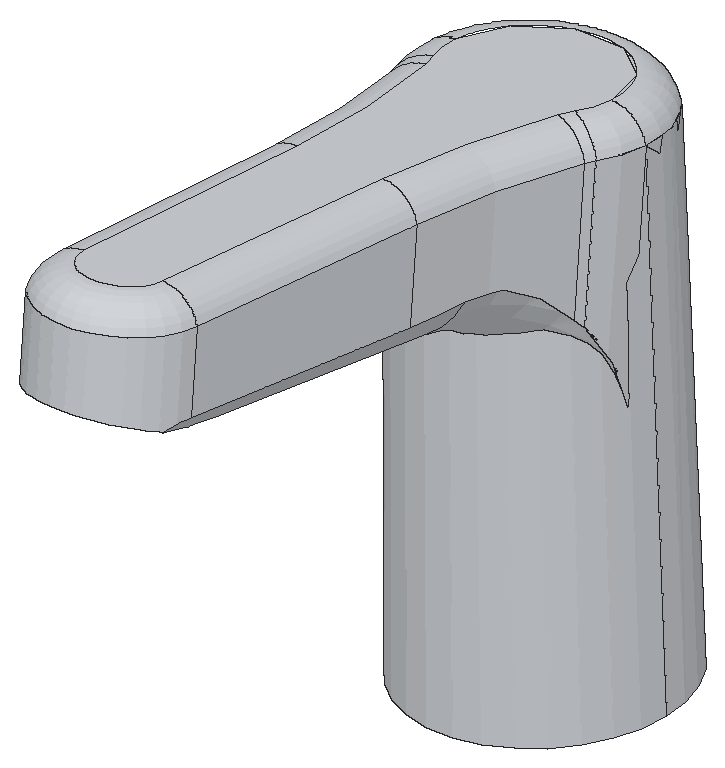
Revit family "Faucet_Touchless-Lavatory-KOHLER-Accliv-K-30276X.rfa_", category Plumbing Fixtures, host Face, Revit 2021
Family settings
  Host = Face
  Round Connector Dimension = Use Diameter
  Part Type = Normal
  OmniClass Number = 23.31.11.00
  OmniClass Title = Faucets
  Cut with Voids When Loaded = No
  Shared = No
  Room Calculation Point = No
Parameters (values of type "0.5 GPM, CP-Polished Chrome")
  Width = 1.9685"  # constant formula
  WaterSense Certified = 1 = 0  # no
  Waste Water Outlet = "Waste Water Outlet"  # constant formula
  Waste Connection = 1 = 0  # no
  Voltage = 220 V  # constant formula
  Vent Connection = 1 = 0  # no
  URL = "https://www.kohler.co.th/"
  Type = 1
  Spout Reach = 4.00787"  # constant formula
  Product Page URL = ""
  Product Name = "Accliv"  # constant formula
  Product Documentation Link = ""
  Pressure = 0.00 psi
  Model = if(Type = 1, "K-30276X-CP", if(Type = 2, "K-30276X-S3-CP", if(Type = 3, "K-30276X-S5-CP", "NA")))  # "K-30276X-CP"
  Material = "Premium Metal Construction"  # constant formula
  Master Format 2014 Name = "Residential Faucets, Supplies, and Trim"  # constant formula
  Master Format 2014 = "22 41 39"  # constant formula
  Manufacturer Address = "16th Floor, Jasmine City Building 2, Soi Sukhumvit 23, Sukhumvit Road, Khlong Toei Nuea, Watthana, Bangkok 10110"  # constant formula
  Manufacturer = "Kohler Co."  # constant formula
  Length = Spout Reach  # 4.00787"
  Hot Water Inlet = "Hot Water Inlet"  # constant formula
  Height = 4.68898"  # constant formula
  HW Connection = 1 = 0  # no
  Flow Rate = if(Type = 1, 0.5 GPM, if(Type = 2, 0.35 GPM, 0.26 GPM))  # 0.5 GPM
  Finish = Kohler-Metal-CP-Polished_Chrome
  Environmental Product Declaration = ""
  Electrical Note = "One Dedicated Circuit Required"  # constant formula
  Electrical Connector = 1 = 1  # yes
  Drain Included = 1 = 0  # no
  Description = if(Type = 1, "Sensor Faucet Cold 0.5GPM No Drain", if(Type = 2, "Sensor Faucet Cold 0.35GPM No Drain", "Sensor Faucet Cold 0.26GPM No Drain"))  # "Sensor Faucet Cold 0.5GPM No Drain"
  Default Elevation = 36"
  Declare Label = ""
  Date Modified = "06/06/2023"  # constant formula
  Date Created = "06/06/2023"  # constant formula
  Copyright = "Copyright Kohler Co."  # constant formula
  Contact Us = "https://www.kohler.co.th/contact-us"
  Cold Water Inlet = "Cold Water Inlet"  # constant formula
  CW Connection = 1 = 1  # yes
  Assembly Code = "D2010"
  Apparent Load = 0 VA
  ADA Compliant = 1 = 0  # no
Types (4): name | Type | Model | Flow Rate | Description
  (no name) | 1 | "K-30276X-CP" | 0.5 GPM | "Sensor Faucet Cold 0.5GPM No Drain"
  0.5 GPM, CP-Polished Chrome | 1 | "K-30276X-CP" | 0.5 GPM | "Sensor Faucet Cold 0.5GPM No Drain"
  0.35 GPM, CP-Polished Chrome | 2 | "K-30276X-S3-CP" | 0.35 GPM | "Sensor Faucet Cold 0.35GPM No Drain"
  0.26 GPM, CP-Polished Chrome | 3 | "K-30276X-S5-CP" | 0.26 GPM | "Sensor Faucet Cold 0.26GPM No Drain"
Reference planes
  plane 1 "Center (Front/Back)": y = 0
  plane 2: z = 0
  plane 3 "Center (Left/Right)": x = 0
  plane 4: y = 27
  plane 5: y = -27
  plane 6: y = -122.9
  plane 7: z = 93.9
  plane 8: through (0, -125.573, 28.585) normal (0, 0.9397, -0.342)
  plane 9: y = -101.8
  plane 10: through (0, 27, 47.093) normal (0, 0.342, 0.9397)
  plane 11: x = -25
  plane 12: x = 25
  plane 13: y = -10
  plane 14: y = 10
  plane 15: z = 119.1
Dimensions and locks
  "Width": plane 11 to plane 12
  plane 4 to plane 5 = 2.12598"
  "Length": plane 1 "Center (Front/Back)" to plane 9
  plane 4 to plane 6 = 5.90157"
  host face to plane 7 = 3.69685"
  "Height": plane 15 to level
  plane 7 to level = 3.69685"
  angle plane 9 to plane 8 = 20.00°
  aligned and locked: plane 2 to host face
  aligned and locked: level to host face
  aligned and locked: plane 3 "Center (Left/Right)" to nested 1
  aligned and locked: plane 1 "Center (Front/Back)" to nested 1
Automatic sketch dimensions
  host sketch curve to host sketch curve = 96"  (x2)
Nested families
  nested 1: "K-30276X" at (0, 0, 0), type "K-30276X"
Connectors
  electrical at (0, -10, 0), driven by "Voltage", driven by "Electrical Connector", driven by "Electrical Note"
    settings: on nested 1, index 1, voltage 220 V, apparent load 0 VA, apparent load phase1 0 VA, apparent load phase2 0 VA, apparent load phase3 0 VA, power factor 1, load classification "Power", number of poles 1, system type 30, power factor state 1, is connector primary yes, connector utility yes, sub classification motor no, connector description "One Dedicated Circuit Required"
  piping at (0, 10, 0), diameter 12.7, driven by "Flow Rate", driven by "Pressure", driven by "CW Connection", driven by "Cold Water Inlet"
    settings: on nested 1, index 2, connector inside diameter 24", connector length 0", flow factor 0, pipe flow 0.5 GPM, pressure drop 0.00 psi, fitting loss kfactor 0, connector angle 0.00°, fixture units 0, engagement length 0", angle of deflection 0.00°, flow configuration 1, flow direction 1, fitting loss method 0, system type 20, joint type 0, gender type 0, connector reference index -1, connector utility 1, adjustable connector no, is connector primary yes, connector description "Cold Water Inlet"
Definition of nested family "K-30276X"
  Parameters
    Material = none
    Default Elevation = 0"
  Reference planes
    plane 1 "Center (Front/Back)": y = 0
    plane 2: z = 0
    plane 3 "Center (Left/Right)": x = 0
    plane 4: x = -25
    plane 5: x = 25
    plane 6: z = 119.1
    plane 7: y = -27
    plane 8: y = 27
    plane 9: y = -101.8
    plane 10: y = -122.9
    plane 11: z = 93.9
    plane 12: through (0, -101.8, 93.9) normal (0, -0.9397, 0.342)
    plane 13 "11": through (0, -122.694, 116.955) normal (0, -0.0959, -0.9954)
    plane 14 "22": through (0, 33.177, 101.94) normal (0, 0.9954, -0.0959)
    plane 15 "ew": through (0, -58.675, 84.682) normal (0, 0.9877, -0.1564)
    plane 16 "wr": through (0, -124.685, 102.302) normal (0, -0.342, -0.9397)
    plane 17: y = 10
    plane 18: y = -10
  Forms (mm)
    Sweep 1, solid, material <- "Material", detail levels medium+fine
      path origin (0, 10.035, 104.169) x (0, -0.995392, 0.095891) y (-1, 0, 0)
        loop
          spline (13.386, 23.263) -> (7.099, 22.525) -> (1.211, 20.32) -> (-3.963, 16.747) -> (-8.063, 11.952) -> (-10.7, 6.204) -> (-11.595, -0.006) -> (-10.697, -6.214) -> (-8.061, -11.956) -> (-3.963, -16.75) -> (1.217, -20.324) -> (7.103, -22.527) -> (13.386, -23.263)
          arc (13.386, -23.263) -> (18.652, -22.774) -> (23.728, -21.29) r 27.611
          arc (23.728, -21.29) -> (24.776, -20.915) -> (25.849, -20.621) r 14.858
          arc (25.849, -20.621) -> (44.397, -17.323) -> (63.194, -16.064) r 172.761
          line (63.194, -16.064) -> (118.85, -15.378)
          arc (118.85, -15.378) -> (134.04, 0) -> (118.85, 15.378) r 15.379
          line (118.85, 15.378) -> (63.194, 16.064)
          arc (63.194, 16.064) -> (44.397, 17.323) -> (25.849, 20.621) r 172.761
          arc (25.849, 20.621) -> (24.776, 20.915) -> (23.728, 21.29) r 14.858
          arc (23.728, 21.29) -> (18.652, 22.774) -> (13.386, 23.263) r 27.611
      profile origin (0.006, 21.576, 103.057) x (-0.000483, -0.995392, 0.09589) y (0, -0.095891, -0.995392)
        loop
          line (10.194, 0) -> (0, 0)
          arc (0, 0) -> (2.767, -4.012) -> (7.389, -5.555) r 7.692
          line (7.389, -5.555) -> (10.194, -5.555) -> (10.194, 0)
    Blend 2, solid, material <- "Material", detail levels medium+fine
      base sketch origin (0, 0, 0) x (1, 0, 0) y (0, 1, 0)
        loop
          spline (-25, 0) -> (-24.148, -6.988) -> (-21.651, -13.5) -> (-17.678, -19.092) -> (-12.5, -23.383) -> (-6.47, -26.08) -> (0, -27) -> (6.47, -26.08) -> (12.5, -23.383) -> (17.678, -19.092) -> (21.651, -13.5) -> (24.148, -6.988) -> (25, 0)
          spline (25, 0) -> (24.148, 6.988) -> (21.651, 13.5) -> (17.678, 19.092) -> (12.5, 23.383) -> (6.47, 26.08) -> (0, 27) -> (-6.47, 26.08) -> (-12.5, 23.383) -> (-17.678, 19.092) -> (-21.651, 13.5) -> (-24.148, 6.988) -> (-25, 0)
      top sketch origin (0, 0, 0) x (1, 0, 0) y (0, 1, 0)
        loop
          spline (-22.579, -4.585) -> (-21.809, -10.764) -> (-19.554, -16.521) -> (-15.966, -21.465) -> (-11.289, -25.258) -> (-5.844, -27.643) -> (0, -28.457) -> (5.844, -27.643) -> (11.289, -25.258) -> (15.966, -21.465) -> (19.554, -16.521) -> (21.809, -10.764) -> (22.579, -4.585)
          spline (22.579, -4.585) -> (21.809, 1.593) -> (19.554, 7.35) -> (15.966, 12.294) -> (11.289, 16.087) -> (5.844, 18.472) -> (0, 19.286) -> (-5.844, 18.472) -> (-11.289, 16.087) -> (-15.966, 12.294) -> (-19.554, 7.35) -> (-21.809, 1.593) -> (-22.579, -4.585)
      from 0 to 146.997
    Extrusion 3, void
      sketch origin (0, 0, 0) x (0, 1, 0) y (0, 0, 1)
        loop
          line (27, 153.334) -> (-130.058, 153.334) -> (-130.058, 117.665) -> (27, 102.535) -> (27, 153.334)
      from -32.211 to 31.193
    Extrusion 4, solid, material <- "Material", detail levels medium+fine
      sketch origin (0, 10.035, 104.169) x (0, -0.995392, 0.095891) y (-1, 0, 0)
        loop
          spline (13.416, 13.069) -> (9.491, 12.616) -> (5.892, 11.264) -> (2.868, 9.18) -> (0.53, 6.467) -> (-0.94, 3.259) -> (-1.401, -0.001) -> (-0.939, -3.266) -> (0.529, -6.468) -> (2.871, -9.186) -> (5.901, -11.267) -> (9.491, -12.617) -> (13.42, -13.069)
          arc (13.42, -13.069) -> (16.741, -12.76) -> (19.943, -11.824) r 17.417
          arc (19.943, -11.824) -> (21.71, -11.193) -> (23.52, -10.696) r 25.052
          arc (23.52, -10.696) -> (43.163, -7.203) -> (63.069, -5.87) r 182.956
          line (63.069, -5.87) -> (118.725, -5.184)
          arc (118.725, -5.184) -> (123.846, 0) -> (118.725, 5.184) r 5.185
          line (118.725, 5.184) -> (63.069, 5.87)
          arc (63.069, 5.87) -> (43.163, 7.203) -> (23.52, 10.696) r 182.956
          arc (23.52, 10.696) -> (21.71, 11.193) -> (19.943, 11.824) r 25.052
          arc (19.943, 11.824) -> (16.739, 12.761) -> (13.416, 13.069) r 17.417
      from 0 to -5.555
    Extrusion 5, solid, material <- "Material", detail levels medium+fine
      sketch origin (0, 10.035, 104.169) x (0, -0.995392, 0.095891) y (-1, 0, 0)
        loop
          arc (63.194, 16.064) -> (44.397, 17.323) -> (25.849, 20.621) r 172.761
          arc (25.849, 20.621) -> (24.776, 20.915) -> (23.728, 21.29) r 14.858
          arc (23.728, 21.29) -> (18.652, 22.774) -> (13.386, 23.263) r 27.611
          spline (13.386, 23.263) -> (7.099, 22.525) -> (1.211, 20.32) -> (-3.963, 16.747) -> (-8.063, 11.952) -> (-10.7, 6.204) -> (-11.595, -0.006) -> (-10.697, -6.214) -> (-8.061, -11.956) -> (-3.963, -16.75) -> (1.217, -20.324) -> (7.103, -22.527) -> (13.386, -23.263)
          arc (13.386, -23.263) -> (18.652, -22.774) -> (23.728, -21.29) r 27.611
          arc (23.728, -21.29) -> (24.776, -20.915) -> (25.849, -20.621) r 14.858
          arc (25.849, -20.621) -> (44.397, -17.323) -> (63.194, -16.064) r 172.761
          line (63.194, -16.064) -> (118.85, -15.378)
          arc (118.85, -15.378) -> (134.04, 0) -> (118.85, 15.378) r 15.379
          line (118.85, 15.378) -> (63.194, 16.064)
      from 0 to 47.45
    Sweep 6, void
      path origin (0, -70.323, 11.138) x (0, -0.156434, -0.987688) y (-1, 0, 0)
        loop
          arc (-91.092, 18.5) -> (-72.592, 0) -> (-91.092, -18.5) r 18.5
      profile origin (0, -58.967, 82.837) x (0, -0.156434, -0.987688) y (0, 0.987688, -0.156434)
        loop
          line (-0.206, 16.035) -> (-0.206, -80.177) -> (32.497, -74.997) -> (24.527, 55.406)
          arc (24.527, 55.406) -> (6.49, 39.283) -> (-0.206, 16.035) r 43.703
    Extrusion 7, void
      sketch origin (0, 0, 0) x (0, 1, 0) y (0, 0, 1)
        loop
          line (-78.139, 85.361) -> (-128.331, 103.629) -> (-128.331, 89.473) -> (-79.197, 79.922) -> (-78.139, 85.361)
      from -26.186 to 22.722
    Extrusion 8, solid
      sketch origin (0, 18.294, 50.262) x (0, -0.939693, 0.34202) y (-1, 0, 0)
        loop
          arc (136.291, 9.746) -> (133.8, 8.264) -> (134.112, 5.383) r 2.681
          arc (134.112, 5.383) -> (136.013, 0) -> (134.112, -5.383) r 8.575
          arc (134.112, -5.383) -> (133.8, -8.264) -> (136.291, -9.746) r 2.681
          arc (136.291, -9.746) -> (139.999, -8.89) -> (143.113, -6.701) r 9.927
          arc (143.113, -6.701) -> (145.81, 0) -> (143.113, 6.701) r 9.675
          arc (143.113, 6.701) -> (139.999, 8.89) -> (136.291, 9.746) r 9.927
      from -2.091 to 0
    Extrusion 9, void
      sketch origin (0, 18.294, 50.262) x (0, -0.939693, 0.34202) y (-1, 0, 0)
        loop
          arc (143.329, 6.909) -> (140.121, 9.164) -> (136.301, 10.046) r 10.227
          arc (136.301, 10.046) -> (133.532, 8.398) -> (133.879, 5.195) r 2.981
          arc (133.879, 5.195) -> (135.713, 0) -> (133.879, -5.195) r 8.275
          arc (133.879, -5.195) -> (133.532, -8.398) -> (136.301, -10.046) r 2.981
          arc (136.301, -10.046) -> (140.121, -9.164) -> (143.329, -6.909) r 10.227
          arc (143.329, -6.909) -> (146.11, 0) -> (143.329, 6.909) r 9.975
      from -2.091 to 1.488
    Extrusion 10, solid
      sketch origin (0, 189.692, -12.122) x (0, -0.939693, 0.34202) y (-1, 0, 0)
        loop
          arc (300.643, -4.407) -> (308.588, -9.77) -> (317.917, -11.976) r 26.667
          arc (317.917, -11.976) -> (330.528, 0) -> (317.917, 11.976) r 11.992
          arc (317.917, 11.976) -> (308.588, 9.77) -> (300.643, 4.407) r 26.667
          arc (300.643, 4.407) -> (298.789, 0) -> (300.643, -4.407) r 6.165
      from -2.933 to 0
    Extrusion 11, void
      sketch origin (0, 189.692, -12.122) x (0, -0.939693, 0.34202) y (-1, 0, 0)
        loop
          arc (300.433, 4.621) -> (298.489, 0) -> (300.433, -4.621) r 6.465
          arc (300.433, -4.621) -> (308.468, -10.044) -> (317.902, -12.276) r 26.967
          arc (317.902, -12.276) -> (330.828, 0) -> (317.902, 12.276) r 12.292
          arc (317.902, 12.276) -> (308.468, 10.044) -> (300.433, 4.621) r 26.967
      from -2.933 to 1.556
    Revolve 12, void
      sketch origin (0, 0, 0) x (0, 1, 0) y (0, 0, 1)
        loop
          line (-94.478, 92.844) -> (-95.33, 94.74) -> (-100.773, 96.721) -> (-101.838, 93.795) -> (-94.459, 91.109) -> (-94.838, 91.853) -> (-94.478, 92.844)
        axis (-100.773, 96.721) -> (-101.838, 93.795)
      angle from 0 to 360
    Revolve 13, solid, detail levels medium+fine
      sketch origin (0, 0, 0) x (0, 1, 0) y (0, 0, 1)
        loop
          line (-94.745, 92.941) -> (-95.339, 94.743) -> (-96.342, 91.986) -> (-95.238, 91.585) -> (-94.745, 92.941)
        axis (-100.773, 96.721) -> (-101.777, 93.964)
      angle from 0 to 360
    Revolve 14, solid
      sketch origin (0, 0, 0) x (0, 1, 0) y (0, 0, 1)
        loop
          line (-95.731, 94.886) -> (-100.773, 96.721) -> (-101.213, 95.512) -> (-96.912, 93.946) -> (-97.181, 93.207) -> (-96.441, 92.937) -> (-95.731, 94.886)
        axis (-100.773, 96.721) -> (-101.483, 94.772)
      angle from 0 to 360
    Extrusion 15, void
      sketch origin (0, 18.294, 50.262) x (0, -0.939693, 0.34202) y (-1, 0, 0)
        loop
          line (134.648, -1.093) -> (130.112, -1.093) -> (133.278, -4.259)
          arc (133.278, -4.259) -> (134.162, -2.762) -> (134.648, -1.093) r 6.958
        loop
          line (131.863, -5.631) -> (128.656, -2.424) -> (128.656, -6.902)
          arc (128.656, -6.902) -> (130.339, -6.469) -> (131.863, -5.631) r 6.958
        loop
          arc (120.905, -1.093) -> (121.39, -2.762) -> (122.274, -4.259) r 6.958
          line (122.274, -4.259) -> (125.44, -1.093) -> (120.905, -1.093)
        loop
          arc (123.69, -5.631) -> (125.214, -6.469) -> (126.897, -6.902) r 6.958
          line (126.897, -6.902) -> (126.897, -2.424) -> (123.69, -5.631)
        loop
          arc (134.648, 1.093) -> (134.162, 2.762) -> (133.278, 4.259) r 6.958
          line (133.278, 4.259) -> (130.112, 1.093) -> (134.648, 1.093)
        loop
          arc (131.863, 5.631) -> (130.339, 6.469) -> (128.656, 6.902) r 6.958
          line (128.656, 6.902) -> (128.656, 2.424) -> (131.863, 5.631)
        loop
          line (120.905, 1.093) -> (125.44, 1.093) -> (122.274, 4.259)
          arc (122.274, 4.259) -> (121.39, 2.762) -> (120.905, 1.093) r 6.958
        loop
          line (123.69, 5.631) -> (126.897, 2.424) -> (126.897, 6.902)
          arc (126.897, 6.902) -> (125.214, 6.469) -> (123.69, 5.631) r 6.958
      from 0.509 to -2.933
    Blend 16, solid, material <- "Material", detail levels coarse
      base sketch origin (0, 0, 0) x (1, 0, 0) y (0, 1, 0)
        loop
          spline (0, -27) -> (6.47, -26.08) -> (12.5, -23.383) -> (17.678, -19.092) -> (21.651, -13.5) -> (24.148, -6.988) -> (25, 0) -> (24.148, 6.988) -> (21.651, 13.5) -> (17.678, 19.092) -> (12.5, 23.383) -> (6.47, 26.08) -> (0, 27)
          spline (0, 27) -> (-6.47, 26.08) -> (-12.5, 23.383) -> (-17.678, 19.092) -> (-21.651, 13.5) -> (-24.148, 6.988) -> (-25, 0) -> (-24.148, -6.988) -> (-21.651, -13.5) -> (-17.678, -19.092) -> (-12.5, -23.383) -> (-6.47, -26.08) -> (0, -27)
      top sketch origin (0, 0, 0) x (1, 0, 0) y (0, 1, 0)
        loop
          spline (0, -28.374) -> (5.803, -27.522) -> (11.21, -25.025) -> (15.854, -21.052) -> (19.417, -15.874) -> (21.657, -9.845) -> (22.421, -3.374) -> (21.657, 3.096) -> (19.417, 9.126) -> (15.854, 14.303) -> (11.21, 18.276) -> (5.803, 20.774) -> (0, 21.626)
          spline (0, 21.626) -> (-5.803, 20.774) -> (-11.21, 18.276) -> (-15.854, 14.303) -> (-19.417, 9.126) -> (-21.657, 3.096) -> (-22.421, -3.374) -> (-21.657, -9.845) -> (-19.417, -15.874) -> (-15.854, -21.052) -> (-11.21, -25.025) -> (-5.803, -27.522) -> (0, -28.374)
      from 0 to 114.276
    Extrusion 17, solid, material <- "Material", detail levels coarse
      sketch origin (0, 10.035, 104.169) x (0, -0.995392, 0.095891) y (-1, 0, 0)
        loop
          arc (118.847, -16.106) -> (134.952, 0) -> (118.847, 16.106) r 16.106
          line (118.847, 16.106) -> (59.31, 16.106)
          arc (59.31, 16.106) -> (37.077, 17.221) -> (15.066, 20.557) r 222.116
          line (15.066, 20.557) -> (15.066, -20.557)
          arc (15.066, -20.557) -> (37.077, -17.221) -> (59.31, -16.106) r 222.116
          line (59.31, -16.106) -> (118.847, -16.106)
      from -7.843 to 26.621
    Extrusion 18, solid, detail levels coarse
      sketch origin (0, 18.294, 50.262) x (0, -0.939693, 0.34202) y (-1, 0, 0)
        loop
          circle (127.776, 0) r 6.958
        loop
          circle (127.776, 0) r 5.783
      from 0 to -2.933
    Extrusion 19, void
      sketch origin (0, 0, 0) x (0, 1, 0) y (0, 0, 1)
        loop
          line (-130.058, 122.781) -> (27, 107.651) -> (27, 153.334) -> (-130.058, 153.334) -> (-130.058, 122.781)
      from -31.6 to 51.691
    Extrusion 20, solid, material <- "Material", detail levels medium+fine
      sketch origin (0, 0, 0) x (1, 0, 0) y (0, 1, 0)
        loop
          circle (0, 10) r 2
        loop
          circle (0, -10) r 2
      from 0 to 3
  Cuts and joins
    Extrusion 3 cuts Blend 2
    Sweep 6, Extrusion 7, Extrusion 11 cuts Extrusion 5
    joined: Sweep 1, Extrusion 4, Extrusion 5
    Extrusion 9, Revolve 12 cuts Extrusion 10
    Extrusion 15 cuts Revolve 13
    Extrusion 7, Extrusion 11, Extrusion 19 cuts Blend 16
    Extrusion 7, Extrusion 11, Extrusion 19 cuts Extrusion 17
    joined: Blend 16, Extrusion 17
  Lines and regions (mm)
    Masking region 1
      outline origin (0, 0, 0) x (0, 1, 0) y (0, 0, 1)
        loop
          line (27, 0) -> (21.582, 103.38)
          arc (21.582, 103.38) -> (20.583, 105.821) -> (18.281, 107.11) r 4
          arc (18.281, 107.11) -> (10.547, 108.297) -> (2.768, 109.145) r 178.691
          line (2.768, 109.145) -> (-111.8, 119.1) -> (-119.912, 119.1)
          arc (-119.912, 119.1) -> (-121.55, 118.489) -> (-122.388, 116.955) r 2.503
          arc (-122.388, 116.955) -> (-122.898, 109.385) -> (-122.25, 101.825) r 49.755
          arc (-122.25, 101.825) -> (-122.087, 101.467) -> (-121.765, 101.24) r 0.752
          line (-121.765, 101.24) -> (-90.622, 89.904) -> (-49, 83.192)
          arc (-49, 83.192) -> (-34.084, 74.879) -> (-27.984, 58.928) r 25
          line (-27.984, 58.928) -> (-27, 0) -> (27, 0)
    Masking region 2
      outline origin (0, 0, 0) x (1, 0, 0) y (0, 0, 1)
        loop
          line (-25, 0) -> (25, 0) -> (22.663, 100.917)
          arc (22.663, 100.917) -> (21.965, 103.721) -> (20.133, 105.956) r 6.588
          line (20.133, 105.956) -> (16.116, 109.094)
          arc (16.116, 109.094) -> (15.915, 109.821) -> (15.774, 110.562) r 9.12
          line (15.774, 110.562) -> (15.252, 114.105)
          arc (15.252, 114.105) -> (14.598, 115.798) -> (13.277, 117.044) r 4.109
          arc (13.277, 117.044) -> (11.536, 117.863) -> (9.671, 118.341) r 10.226
          arc (9.671, 118.341) -> (0, 119.1) -> (-9.671, 118.341) r 61.979
          arc (-9.671, 118.341) -> (-11.536, 117.863) -> (-13.277, 117.044) r 10.226
          arc (-13.277, 117.044) -> (-14.598, 115.798) -> (-15.252, 114.105) r 4.109
          line (-15.252, 114.105) -> (-15.774, 110.562)
          arc (-15.774, 110.562) -> (-15.915, 109.821) -> (-16.116, 109.094) r 9.12
          line (-16.116, 109.094) -> (-20.133, 105.956)
          arc (-20.133, 105.956) -> (-21.965, 103.721) -> (-22.663, 100.917) r 6.588
          line (-22.663, 100.917) -> (-25, 0)
    Masking region 3
      outline origin (0, 0, 0) x (1, 0, 0) y (0, 1, 0)
        loop
          line (-16.084, -53.136) -> (-15.282, -107.84)
          arc (-15.282, -107.84) -> (0, -122.9) -> (15.282, -107.84) r 15.284
          line (15.282, -107.84) -> (16.084, -53.136)
          arc (16.084, -53.136) -> (16.732, -40.029) -> (18.291, -26.999) r 188.627
          arc (18.291, -26.999) -> (19.435, -20.832) -> (20.944, -14.743) r 105.632
          spline (20.944, -14.743) -> (24.4, -5.881) -> (24.761, 3.728) -> (21.98, 12.863) -> (16.412, 20.367) -> (8.762, 25.287) -> (0, 27) -> (-8.762, 25.287) -> (-16.412, 20.367) -> (-21.98, 12.863) -> (-24.761, 3.728) -> (-24.4, -5.881) -> (-20.944, -14.743)
          arc (-20.944, -14.743) -> (-19.435, -20.832) -> (-18.291, -26.999) r 105.632
          arc (-18.291, -26.999) -> (-16.732, -40.029) -> (-16.084, -53.136) r 188.627
    symbolic lines, detail levels medium+fine
      curve 1: line (0, -29.093, 109.488) -> (0, -106.217, 116.918)
      curve 2: arc (0, -106.217, 116.918) -> (0, -113.098, 117.797) -> (0, -119.912, 119.1) r 111.951
      curve 3: arc (0, -12.419, 106.913) -> (0, -20.719, 108.439) -> (0, -29.093, 109.488) r 147.507
      curve 4: arc (0, 2.291, 105.315) -> (0, -5.105, 105.737) -> (0, -12.419, 106.913) r 72.438
      curve 5: arc (0, 18.281, 107.11) -> (0, 10.339, 105.742) -> (0, 2.291, 105.315) r 68.55
      curve 6: arc (0, -17.737, 105.916) -> (0, -23.495, 106.822) -> (0, -29.285, 107.497) r 145.507
      curve 7: line (0, -29.285, 107.497) -> (0, -106.691, 115.414)
      curve 8: arc (0, -106.691, 115.414) -> (0, -114.419, 116.419) -> (0, -122.081, 117.846) r 142.19
      curve 9: arc (0, -4.964, 102.783) -> (0, -11.3, 104.555) -> (0, -17.737, 105.916) r 102.228
      curve 10: arc (0, 21.582, 103.38) -> (0, 8.358, 100.889) -> (0, -4.964, 102.783) r 41.287
      curve 11: line (0, -7.862, 103.648) -> (0, -9.498, 86.67)
      curve 12: arc (0, -7.029, 105.972) -> (0, -7.59, 104.862) -> (0, -7.862, 103.648) r 5.024
      curve 13: arc (0, -9.498, 86.67) -> (0, -15.26, 70.479) -> (0, -27.984, 58.928) r 35.3
      curve 14: arc (-13.854, 0, 116.632) -> (0, 0, 118.489) -> (13.854, 0, 116.632) r 52.611
      curve 15: arc (-15.413, 0, 113.015) -> (-15.216, 0, 104.973) -> (-14.129, 0, 97.002) r 72.54
      curve 16: arc (-14.129, 0, 97.002) -> (-13.787, 0, 95.922) -> (-13.206, 0, 94.95) r 4.897
      curve 17: arc (-13.206, 0, 94.95) -> (-11.238, 0, 93.007) -> (-8.818, 0, 91.67) r 10.112
      curve 18: arc (-8.613, 0, 100.757) -> (0, 0, 101.76) -> (8.613, 0, 100.757) r 37.5
      curve 19: arc (-12.112, 0, 99.398) -> (-10.41, 0, 100.199) -> (-8.613, 0, 100.757) r 13.575
      curve 20: arc (-13.596, 0, 97.899) -> (-12.96, 0, 98.754) -> (-12.112, 0, 99.398) r 3.796
      curve 21: arc (-13.787, 0, 95.922) -> (-13.893, 0, 96.93) -> (-13.596, 0, 97.899) r 2.537
      curve 22: arc (-12.058, 0, 95.125) -> (-10.413, 0, 93.644) -> (-8.459, 0, 92.604) r 9.112
      curve 23: arc (-11.834, 0, 98.35) -> (-12.614, 0, 96.784) -> (-12.058, 0, 95.125) r 2.286
      curve 24: arc (-8.434, 0, 100) -> (-10.244, 0, 99.401) -> (-11.834, 0, 98.35) r 7.229
      curve 25: arc (-5.519, 0, 99.736) -> (0, 0, 100.304) -> (5.519, 0, 99.736) r 27.083
      curve 26: arc (-8.534, 0, 98.674) -> (-7.062, 0, 99.306) -> (-5.519, 0, 99.736) r 12.015
      curve 27: arc (-9.921, 0, 97.466) -> (-9.302, 0, 98.155) -> (-8.534, 0, 98.674) r 3.801
      curve 28: arc (-4.963, 0, 96.226) -> (0, 0, 96.82) -> (4.963, 0, 96.226) r 21.002
      curve 29: arc (-6.385, 0, 95.971) -> (-5.67, 0, 96.076) -> (-4.963, 0, 96.226) r 11.818
      curve 30: arc (-8.294, 0, 96.047) -> (-7.343, 0, 95.934) -> (-6.385, 0, 95.971) r 6.139
      curve 31: arc (-9.546, 0, 96.398) -> (-8.927, 0, 96.198) -> (-8.294, 0, 96.047) r 8.496
      curve 32: arc (-9.921, 0, 97.466) -> (-9.986, 0, 96.843) -> (-9.546, 0, 96.398) r 0.732
      curve 33: arc (5.478, 0, 99.54) -> (0, 0, 100.104) -> (-5.478, 0, 99.54) r 26.883
      curve 34: arc (-5.478, 0, 99.54) -> (-6.995, 0, 99.117) -> (-8.443, 0, 98.496) r 11.815
      curve 35: arc (-8.443, 0, 98.496) -> (-9.139, 0, 98.004) -> (-9.668, 0, 97.336) r 2.987
      curve 36: arc (-9.668, 0, 97.336) -> (-9.766, 0, 96.846) -> (-9.546, 0, 96.398) r 0.776
      curve 37: line (-9.773, 0, 96.946) -> (-9.773, 0, 97.664)
      curve 38: spline (7.328, 0, 93.87) -> (7.079, 0, 94.521) -> (6.347, 0, 95.127) -> (5.182, 0, 95.647) -> (3.664, 0, 96.047) -> (1.897, 0, 96.298) -> (0, 0, 96.384) -> (-1.897, 0, 96.298) -> (-3.664, 0, 96.047) -> (-5.182, 0, 95.647) -> (-6.347, 0, 95.127) -> (-7.079, 0, 94.521) -> (-7.328, 0, 93.87) -> (-7.079, 0, 93.219) -> (-6.347, 0, 92.613) -> (-5.182, 0, 92.092) -> (-3.664, 0, 91.693) -> (-1.897, 0, 91.442) -> (0, 0, 91.356) -> (1.897, 0, 91.442) -> (3.664, 0, 91.693) -> (5.182, 0, 92.092) -> (6.347, 0, 92.613) -> (7.079, 0, 93.219) -> (7.328, 0, 93.87)
      curve 39: spline (-6.934, 0, 94.684) -> (-7.002, 0, 94.505) -> (-7.034, 0, 94.325) -> (-7.03, 0, 94.144) -> (-6.99, 0, 93.965) -> (-6.913, 0, 93.786) -> (-6.802, 0, 93.61) -> (-6.655, 0, 93.438) -> (-6.473, 0, 93.269) -> (-6.259, 0, 93.106) -> (-6.012, 0, 92.948) -> (-5.734, 0, 92.798) -> (-5.426, 0, 92.654)
      curve 40: line (-6.714, 0, 94.877) -> (-6.714, 0, 93.598)
      curve 41: line (-6.714, 0, 93.598) -> (-5.523, 0, 93.598)
      curve 42: line (-5.523, 0, 93.598) -> (-5.523, 0, 95.522)
      curve 43: line (-6.714, 0, 94.375) -> (-5.523, 0, 94.375)
      curve 44: line (-4.608, 0, 93.9) -> (-4.608, 0, 92.928)
      curve 45: line (-3.188, 0, 92.417) -> (-3.188, 0, 93.325)
      curve 46: line (-4.608, 0, 92.928) -> (-3.188, 0, 92.417)
      curve 47: line (-3.959, 0, 92.043) -> (-3.188, 0, 92.417)
      curve 48: line (-3.959, 0, 92.043) -> (-5.426, 0, 92.548)
      curve 49: line (-5.426, 0, 92.548) -> (-4.608, 0, 92.928)
      curve 50: line (-5.426, 0, 92.548) -> (-5.426, 0, 93.478)
      curve 51: line (-5.426, 0, 93.478) -> (-4.608, 0, 93.9)
      curve 52: line (-4.608, 0, 93.9) -> (-5.523, 0, 94.547)
      curve 53: spline (-3.774, 0, 92.133) -> (-3.57, 0, 92.089) -> (-3.363, 0, 92.047) -> (-3.151, 0, 92.007) -> (-2.937, 0, 91.97) -> (-2.718, 0, 91.936) -> (-2.497, 0, 91.905) -> (-2.273, 0, 91.876) -> (-2.046, 0, 91.85) -> (-1.816, 0, 91.826) -> (-1.585, 0, 91.806) -> (-1.352, 0, 91.788) -> (-1.117, 0, 91.773)
      curve 54: line (-1.117, 0, 92.997) -> (-1.117, 0, 91.616)
      curve 55: line (-1.117, 0, 91.616) -> (1.117, 0, 91.616)
      curve 56: line (-3.188, 0, 92.761) -> (-1.117, 0, 92.543)
      curve 57: line (-3.188, 0, 93.325) -> (-1.117, 0, 92.997)
      curve 58: line (-1.117, 0, 92.045) -> (1.117, 0, 92.045)
      curve 59: line (-5.443, 0, 95.253) -> (-5.443, 0, 95.553)
      curve 60: line (-5.443, 0, 95.253) -> (-3.873, 0, 95.825)
      curve 61: line (-3.873, 0, 95.825) -> (-3.873, 0, 96.004)
      curve 62: line (-3.136, 0, 95.495) -> (-3.136, 0, 96.142)
      curve 63: line (-3.136, 0, 95.495) -> (-3.873, 0, 95.825)
      curve 64: line (-3.136, 0, 95.495) -> (-4.603, 0, 94.962)
      curve 65: line (-4.603, 0, 94.962) -> (-5.443, 0, 95.253)
      curve 66: line (-1.092, 0, 95.785) -> (-1.092, 0, 96.356)
      curve 67: line (-1.092, 0, 95.785) -> (1.092, 0, 95.785)
      curve 68: spline (5.063, 0, 95.121) -> (5.054, 0, 94.61) -> (4.638, 0, 94.119) -> (3.85, 0, 93.69) -> (2.752, 0, 93.356) -> (1.434, 0, 93.144) -> (0, 0, 93.072) -> (-1.434, 0, 93.144) -> (-2.752, 0, 93.356) -> (-3.85, 0, 93.69) -> (-4.638, 0, 94.119) -> (-5.054, 0, 94.61) -> (-5.063, 0, 95.121)
      curve 69: spline (-3.136, 0, 95.875) -> (-2.992, 0, 95.919) -> (-2.841, 0, 95.961) -> (-2.685, 0, 96.001) -> (-2.524, 0, 96.038) -> (-2.359, 0, 96.074) -> (-2.189, 0, 96.106) -> (-2.014, 0, 96.137) -> (-1.836, 0, 96.164) -> (-1.654, 0, 96.19) -> (-1.47, 0, 96.212) -> (-1.282, 0, 96.232) -> (-1.092, 0, 96.249)
      curve 70: arc (15.413, 0, 113.015) -> (15.216, 0, 104.973) -> (14.129, 0, 97.002) r 72.54
      curve 71: arc (14.129, 0, 97.002) -> (13.787, 0, 95.922) -> (13.206, 0, 94.95) r 4.897
      curve 72: arc (13.206, 0, 94.95) -> (11.238, 0, 93.007) -> (8.818, 0, 91.67) r 10.112
      curve 73: arc (12.112, 0, 99.398) -> (10.41, 0, 100.199) -> (8.613, 0, 100.757) r 13.575
      curve 74: arc (13.596, 0, 97.899) -> (12.96, 0, 98.754) -> (12.112, 0, 99.398) r 3.796
      curve 75: arc (13.787, 0, 95.922) -> (13.893, 0, 96.93) -> (13.596, 0, 97.899) r 2.537
      curve 76: arc (12.058, 0, 95.125) -> (10.413, 0, 93.644) -> (8.459, 0, 92.604) r 9.112
      curve 77: arc (11.834, 0, 98.35) -> (12.614, 0, 96.784) -> (12.058, 0, 95.125) r 2.286
      curve 78: arc (8.434, 0, 100) -> (10.244, 0, 99.401) -> (11.834, 0, 98.35) r 7.229
      curve 79: arc (8.534, 0, 98.674) -> (7.062, 0, 99.306) -> (5.519, 0, 99.736) r 12.015
      curve 80: arc (9.921, 0, 97.466) -> (9.302, 0, 98.155) -> (8.534, 0, 98.674) r 3.801
      curve 81: arc (6.385, 0, 95.971) -> (5.67, 0, 96.076) -> (4.963, 0, 96.226) r 11.818
      curve 82: arc (8.294, 0, 96.047) -> (7.343, 0, 95.934) -> (6.385, 0, 95.971) r 6.139
      curve 83: arc (9.546, 0, 96.398) -> (8.927, 0, 96.198) -> (8.294, 0, 96.047) r 8.496
      curve 84: arc (9.921, 0, 97.466) -> (9.986, 0, 96.843) -> (9.546, 0, 96.398) r 0.732
      curve 85: arc (5.478, 0, 99.54) -> (6.995, 0, 99.117) -> (8.443, 0, 98.496) r 11.815
      curve 86: arc (8.443, 0, 98.496) -> (9.139, 0, 98.004) -> (9.668, 0, 97.336) r 2.987
      curve 87: arc (9.668, 0, 97.336) -> (9.766, 0, 96.846) -> (9.546, 0, 96.398) r 0.776
      curve 88: spline (6.934, 0, 94.684) -> (7.002, 0, 94.505) -> (7.034, 0, 94.325) -> (7.03, 0, 94.144) -> (6.99, 0, 93.965) -> (6.913, 0, 93.786) -> (6.802, 0, 93.61) -> (6.655, 0, 93.438) -> (6.473, 0, 93.269) -> (6.259, 0, 93.106) -> (6.012, 0, 92.948) -> (5.734, 0, 92.798) -> (5.426, 0, 92.654)
      curve 89: line (6.714, 0, 94.877) -> (6.714, 0, 93.598)
      curve 90: line (6.714, 0, 93.598) -> (5.523, 0, 93.598)
      curve 91: line (5.523, 0, 93.598) -> (5.523, 0, 95.522)
      curve 92: line (6.714, 0, 94.375) -> (5.523, 0, 94.375)
      curve 93: line (4.608, 0, 93.9) -> (4.608, 0, 92.928)
      curve 94: line (3.188, 0, 92.417) -> (3.188, 0, 93.325)
      curve 95: line (4.608, 0, 92.928) -> (3.188, 0, 92.417)
      curve 96: line (3.959, 0, 92.043) -> (3.188, 0, 92.417)
      curve 97: line (3.959, 0, 92.043) -> (5.426, 0, 92.548)
      curve 98: line (5.426, 0, 92.548) -> (4.608, 0, 92.928)
      curve 99: line (5.426, 0, 92.548) -> (5.426, 0, 93.478)
      curve 100: line (5.426, 0, 93.478) -> (4.608, 0, 93.9)
      curve 101: line (4.608, 0, 93.9) -> (5.523, 0, 94.547)
      curve 102: line (1.117, 0, 92.997) -> (1.117, 0, 91.616)
      curve 103: line (3.188, 0, 92.761) -> (1.117, 0, 92.543)
      curve 104: line (3.188, 0, 93.325) -> (1.117, 0, 92.997)
      curve 105: line (5.443, 0, 95.253) -> (5.443, 0, 95.553)
      curve 106: line (5.443, 0, 95.253) -> (3.873, 0, 95.825)
      curve 107: line (3.873, 0, 95.825) -> (3.873, 0, 96.004)
      curve 108: line (3.136, 0, 95.495) -> (3.136, 0, 95.875)
      curve 109: line (3.136, 0, 95.495) -> (3.873, 0, 95.825)
      curve 110: line (3.136, 0, 95.495) -> (4.603, 0, 94.962)
      curve 111: line (4.603, 0, 94.962) -> (5.443, 0, 95.253)
      curve 112: line (1.092, 0, 95.785) -> (1.092, 0, 96.356)
      curve 113: arc (-8.434, 0, 100) -> (0, 0, 101.158) -> (8.434, 0, 100) r 31.288
      curve 114: arc (-8.459, 0, 92.604) -> (0, 0, 90.506) -> (8.459, 0, 92.604) r 18.105
      curve 115: arc (-8.818, 0, 91.67) -> (0, 0, 89.839) -> (8.818, 0, 91.67) r 22.15
      curve 116: spline (4.474, 0, 95.008) -> (4.472, 0, 94.584) -> (4.108, 0, 94.176) -> (3.412, 0, 93.819) -> (2.44, 0, 93.541) -> (1.272, 0, 93.365) -> (0, 0, 93.304) -> (-1.272, 0, 93.365) -> (-2.44, 0, 93.541) -> (-3.412, 0, 93.819) -> (-4.108, 0, 94.176) -> (-4.472, 0, 94.584) -> (-4.474, 0, 95.008)
      curve 117: spline (3.136, 0, 95.875) -> (2.992, 0, 95.919) -> (2.841, 0, 95.961) -> (2.685, 0, 96.001) -> (2.524, 0, 96.038) -> (2.359, 0, 96.074) -> (2.189, 0, 96.106) -> (2.014, 0, 96.137) -> (1.836, 0, 96.164) -> (1.654, 0, 96.19) -> (1.47, 0, 96.212) -> (1.282, 0, 96.232) -> (1.092, 0, 96.249)
      curve 118: spline (1.117, 0, 91.773) -> (1.352, 0, 91.788) -> (1.585, 0, 91.806) -> (1.816, 0, 91.826) -> (2.046, 0, 91.85) -> (2.273, 0, 91.876) -> (2.497, 0, 91.905) -> (2.718, 0, 91.936) -> (2.937, 0, 91.97) -> (3.151, 0, 92.007) -> (3.363, 0, 92.047) -> (3.57, 0, 92.089) -> (3.774, 0, 92.133)
      curve 119: spline (4.477, 0, 95.007) -> (4.205, 0, 94.662) -> (3.694, 0, 94.348) -> (2.972, 0, 94.083) -> (2.081, 0, 93.882) -> (1.071, 0, 93.757) -> (0, 0, 93.714) -> (-1.071, 0, 93.757) -> (-2.081, 0, 93.882) -> (-2.972, 0, 94.083) -> (-3.694, 0, 94.348) -> (-4.205, 0, 94.662) -> (-4.477, 0, 95.007)
      curve 120: line (-4.263, 0, 95.085) -> (-3.404, 0, 94.226)
      curve 121: line (-3.87, 0, 95.229) -> (-2.636, 0, 93.995)
      curve 122: line (-3.476, 0, 95.372) -> (-1.967, 0, 93.863)
      curve 123: line (-2.958, 0, 95.929) -> (-0.765, 0, 93.736)
      curve 124: line (-3.136, 0, 95.57) -> (-1.349, 0, 93.782)
      curve 125: line (-0.665, 0, 95.785) -> (1.339, 0, 93.781)
      curve 126: line (-1.612, 0, 96.195) -> (0.842, 0, 93.741)
      curve 127: line (-2.08, 0, 96.126) -> (0.327, 0, 93.718)
      curve 128: line (-2.529, 0, 96.037) -> (-0.208, 0, 93.716)
      curve 129: line (2.248, 0, 96.095) -> (3.893, 0, 94.45)
      curve 130: line (1.092, 0, 96.177) -> (3.136, 0, 94.133)
      curve 131: line (1.611, 0, 96.195) -> (3.53, 0, 94.276)
      curve 132: line (-0.128, 0, 95.785) -> (1.817, 0, 93.84)
      curve 133: line (0.41, 0, 95.785) -> (2.277, 0, 93.918)
      curve 134: line (0.947, 0, 95.785) -> (2.717, 0, 94.015)
      curve 135: line (2.95, 0, 95.931) -> (3.136, 0, 95.745)
      curve 136: line (3.528, 0, 95.353) -> (4.213, 0, 94.668)
      curve 137: line (4.263, 0, 95.085) -> (3.404, 0, 94.226)
      curve 138: line (3.87, 0, 95.229) -> (2.636, 0, 93.995)
      curve 139: line (3.476, 0, 95.372) -> (1.967, 0, 93.863)
      curve 140: line (2.958, 0, 95.929) -> (0.765, 0, 93.736)
      curve 141: line (3.136, 0, 95.57) -> (1.349, 0, 93.782)
      curve 142: line (0.665, 0, 95.785) -> (-1.339, 0, 93.781)
      curve 143: line (1.612, 0, 96.195) -> (-0.842, 0, 93.741)
      curve 144: line (2.08, 0, 96.126) -> (-0.327, 0, 93.718)
      curve 145: line (2.529, 0, 96.037) -> (0.208, 0, 93.716)
      curve 146: line (-2.248, 0, 96.095) -> (-3.893, 0, 94.45)
      curve 147: line (-1.092, 0, 96.177) -> (-3.136, 0, 94.133)
      curve 148: line (-1.611, 0, 96.195) -> (-3.53, 0, 94.276)
      curve 149: line (0.128, 0, 95.785) -> (-1.817, 0, 93.84)
      curve 150: line (-0.41, 0, 95.785) -> (-2.277, 0, 93.918)
      curve 151: line (-0.947, 0, 95.785) -> (-2.717, 0, 94.015)
      curve 152: line (-2.95, 0, 95.931) -> (-3.136, 0, 95.745)
      curve 153: line (-3.528, 0, 95.353) -> (-4.213, 0, 94.668)
      curve 154: arc (-14.008, 0, 88.343) -> (0, 0, 82.673) -> (14.008, 0, 88.343) r 20.138
      curve 155: arc (-16.116, 0, 109.094) -> (-16.179, 0, 99.839) -> (-15.205, 0, 90.634) r 82.629
      curve 156: arc (-15.205, 0, 90.634) -> (-14.792, 0, 89.392) -> (-14.008, 0, 88.343) r 4.108
      curve 157: arc (16.116, 0, 109.094) -> (16.179, 0, 99.839) -> (15.205, 0, 90.634) r 82.629
      curve 158: arc (15.205, 0, 90.634) -> (14.792, 0, 89.392) -> (14.008, 0, 88.343) r 4.108
      curve 159: line (8.626, 0, 60.991) -> (-8.626, 0, 60.991)
      curve 160: line (-22.386, 0, 100.907) -> (-22.386, 0, 79.064)
      curve 161: arc (-22.386, 0, 79.064) -> (-22.06, 0, 72.735) -> (-21.087, 0, 66.472) r 61.663
      curve 162: arc (-8.626, 0, 60.991) -> (-12.663, 0, 61.224) -> (-16.647, 0, 61.92) r 35.088
      curve 163: arc (-21.087, 0, 66.472) -> (-19.53, 0, 63.549) -> (-16.647, 0, 61.92) r 5.917
      curve 164: arc (-20.133, 0, 105.956) -> (-21.797, 0, 103.671) -> (-22.386, 0, 100.907) r 6.783
      curve 165: line (22.386, 0, 100.907) -> (22.386, 0, 79.064)
      curve 166: arc (22.386, 0, 79.064) -> (22.06, 0, 72.735) -> (21.087, 0, 66.472) r 61.663
      curve 167: arc (8.626, 0, 60.991) -> (12.663, 0, 61.224) -> (16.647, 0, 61.92) r 35.088
      curve 168: arc (21.087, 0, 66.472) -> (19.53, 0, 63.549) -> (16.647, 0, 61.92) r 5.917
      curve 169: arc (20.133, 0, 105.956) -> (21.797, 0, 103.671) -> (22.386, 0, 100.907) r 6.783
      curve 170: arc (-22.617, -2.565, 0) -> (-22.195, -8.711, 0) -> (-20.944, -14.743, 0) r 45.318
      curve 171: arc (-19.514, 9.187, 0) -> (-21.83, 3.512, 0) -> (-22.617, -2.565, 0) r 23.76
      curve 172: arc (-12.662, 17.305, 0) -> (-16.463, 13.562, 0) -> (-19.514, 9.187, 0) r 28.997
      curve 173: arc (22.617, -2.565, 0) -> (22.195, -8.711, 0) -> (20.944, -14.743, 0) r 45.318
      curve 174: arc (19.514, 9.187, 0) -> (21.83, 3.512, 0) -> (22.617, -2.565, 0) r 23.76
      curve 175: arc (12.662, 17.305, 0) -> (16.463, 13.562, 0) -> (19.514, 9.187, 0) r 28.997
      curve 176: arc (-12.662, 17.305, 0) -> (0, 21.824, 0) -> (12.662, 17.305, 0) r 20
      curve 177: arc (18.536, -14.07, 0) -> (19.719, -8.371, 0) -> (20.117, -2.564, 0) r 42.818
      curve 178: arc (20.117, -2.564, 0) -> (19.413, 2.874, 0) -> (17.341, 7.951, 0) r 21.26
      curve 179: arc (17.341, 7.951, 0) -> (14.553, 11.95, 0) -> (11.079, 15.37, 0) r 26.497
      curve 180: arc (11.079, 15.37, 0) -> (0, 19.324, 0) -> (-11.079, 15.37, 0) r 17.5
      curve 181: arc (-11.079, 15.37, 0) -> (-14.553, 11.95, 0) -> (-17.341, 7.951, 0) r 26.497
      curve 182: arc (-17.341, 7.951, 0) -> (-19.413, 2.874, 0) -> (-20.117, -2.564, 0) r 21.26
      curve 183: arc (-20.117, -2.564, 0) -> (-19.719, -8.371, 0) -> (-18.536, -14.07, 0) r 42.818
      curve 184: arc (-18.536, -14.07, 0) -> (-16.992, -20.303, 0) -> (-15.82, -26.616, 0) r 108.132
      curve 185: arc (-15.82, -26.616, 0) -> (-14.241, -39.819, 0) -> (-13.584, -53.099, 0) r 191.127
      curve 186: line (-13.584, -53.099, 0) -> (-12.782, -107.804, 0)
      curve 187: arc (-12.782, -107.804, 0) -> (0, -120.4, 0) -> (12.782, -107.804, 0) r 12.784
      curve 188: line (12.782, -107.804, 0) -> (13.584, -53.099, 0)
      curve 189: arc (13.584, -53.099, 0) -> (14.241, -39.819, 0) -> (15.82, -26.616, 0) r 191.127
      curve 190: arc (15.82, -26.616, 0) -> (16.992, -20.303, 0) -> (18.536, -14.07, 0) r 108.132
      curve 191: arc (-3.94, -113.941, 0) -> (0, -115.573, 0) -> (3.94, -113.941, 0) r 5.572
      curve 192: arc (-3.233, -113.234, 0) -> (0, -114.573, 0) -> (3.233, -113.234, 0) r 4.572
      curve 193: arc (-2.526, -112.527, 0) -> (0, -113.573, 0) -> (2.526, -112.527, 0) r 3.572
      curve 194: arc (-1.819, -111.82, 0) -> (0, -112.573, 0) -> (1.819, -111.82, 0) r 2.572
      curve 195: circle (0, -110.001, 0) r 0.572 normal (0, 0, 1)
  Dimensions and locks
    aligned and locked: plane 2 to level
